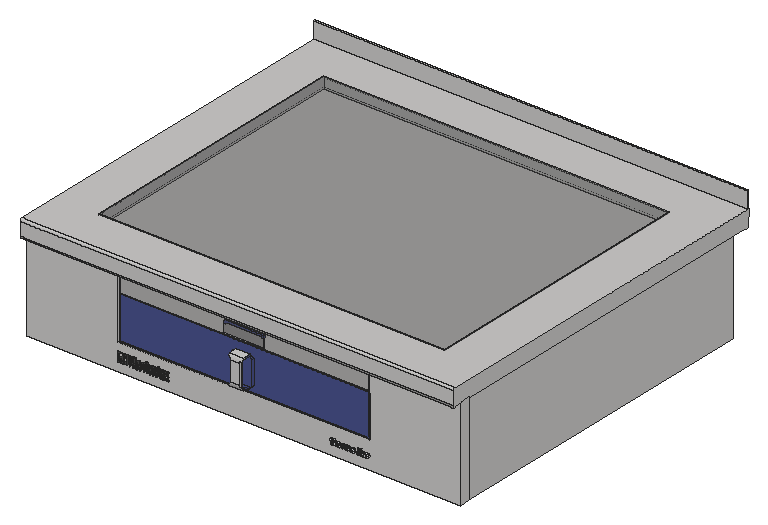
Revit family "QF_ELECTROLUXPROFESSIONAL_588557_MBRBBBJOBO", category Attrezzature speciali, Revit 2020
Family settings
  Quota connettore circolare = Usa diametro
  Tipo di parte = Normale
  Basato su piano di lavoro = No
  Sempre verticale = Sì
  Taglio con vuoti quando caricato = No
  Condiviso = No
  Punto di calcolo locali = No
Parameters (values of type "Standard")
  Weight = 40.00 kg
  Watts = 950 W
  Volts = 230 V
  URL Manufacturer = "https://www.electroluxprofessional.com/"
  URL = "https://www.electroluxprofessional.com/"
  Steam Supply Size = 0"
  Steam Supply Minimum Pressure = 0.00 psi
  Steam Supply Maximum Pressure = 0.00 psi
  Steam Consumption per Hour = 0
  Refrigeration Suction Line Size = 0 mm
  Refrigeration Liquid Line Size = 0 mm
  Refrigerant Compressor Remote = yes
  Prospetto di default = 0 mm
  Phase = 1
  Modello = "MBRBBBJOBO"
  Produttore = "Electrolux Professional"
  Length Actual = 1000 mm  # constant formula
  Item Number = "588557"
  Hot Water Size = 0"
  Height Actual = 250 mm  # constant formula
  HP = "1.3 HP"
  Gas Size = 0"
  Gas KW = 0
  Gas Input Pressure = 0.0 Btu/h
  Direct Waste Size = 0"
  Descrizione = "EL.WARMING PLATE,1S,BS,1000X850X250H"
  Depth Actual = 850 mm  # constant formula
  Cycle = 50 Hz
  Condensate Return Size = 0"
  Compressed Air Volume = 0 GPM
  Compressed Air Size = 0"
  Compressed Air Pressure = 0.00 psi
  Cold Water Size = 0"
  Accessory = yes
Reference planes
  plane 1 "BACK": y = 0
  plane 2: z = 0
  plane 3 "LEFT": x = 0
  plane 4 "RIGHT": x = 1000
  plane 5 "FRONT": y = -850
  plane 6 "TOP": z = 900
  plane 7 "Center (Left/Right)": x = 500
  plane 8: y = -425
  plane 9: y = -150
  plane 10: x = 100
  plane 11: x = 900
  plane 12: y = -100
  plane 13: y = -750
  plane 14 "EIx": x = 955
  plane 15 "EIy": y = -635
  plane 16: z = 938
  plane 17 "BaseTop": z = 650
  plane 18: y = -805
Forms (mm)
  Extrusion 1, solid, material "QF_Finishes_Stainless Steel"
    sketch origin (-178.969, -4572, 100) x (-1, 0, 0) y (0, -1, 0)
      loop
        line (-178.969, -4527) -> (-178.969, -3767) -> (-1178.969, -3767) -> (-1178.969, -4527) -> (-178.969, -4527)
    from 550 to 762.969
  Extrusion 2, solid, material "QF_Finishes_Stainless Steel"
    sketch origin (0, 0, 650) x (-1, 0, 0) y (0, -1, 0)
      loop
        circle (-955, 635) r 6.35
    from 0 to -11.851
  Extrusion 3, solid, material "QF_Finishes_Stainless Steel"
    sketch origin (500, 296.4, 1219.2) x (0, 1, 0) y (0, 0, 1)
      loop
        line (-296.4, -319.2) -> (-1141.4, -319.2)
        arc (-1141.4, -319.2) -> (-1144.935, -320.664) -> (-1146.4, -324.2) r 5
        line (-1146.4, -324.2) -> (-1146.4, -355.2)
        arc (-1146.4, -355.2) -> (-1144.971, -358.264) -> (-1141.705, -359.139) r 4
        line (-1141.705, -359.139) -> (-1126.4, -356.231) -> (-316.4, -356.231) -> (-301.094, -359.139)
        arc (-301.094, -359.139) -> (-297.829, -358.264) -> (-296.4, -355.2) r 4
        line (-296.4, -355.2) -> (-296.4, -319.2)
    from -500 to 500
  Extrusion 4, solid, material "QF_Finishes_Electrolux_Black Smoke Iluminated"
    sketch origin (0, 0, 900) x (-1, 0, 0) y (0, -1, 0)
      loop
        line (-100, 100) -> (-100, 750) -> (-900, 750) -> (-900, 100) -> (-100, 100)
    from 1 to -20
  Extrusion 5, void
    sketch origin (0, 0, 900) x (-1, 0, 0) y (0, -1, 0)
      loop
        line (-100, 750) -> (-900, 750) -> (-900, 100) -> (-100, 100) -> (-100, 750)
    from 0 to -25
  Extrusion 6, solid, material "QF_Finishes_Stainless Steel"
    sketch origin (500, 296.4, 1219.2) x (0, 1, 0) y (0, 0, 1)
      loop
        line (-296.4, -319.2) -> (-296.4, -281.2) -> (-298.4, -281.2) -> (-298.4, -319.2) -> (-296.4, -319.2)
    from 500 to -500
Cuts and joins
  Extrusion 5 cuts Extrusion 3
Lines and regions (mm)
  symbolic lines
    curve 1: line (0, 0, 100) -> (1000, 0, 100)
    curve 2: line (0, -850, 100) -> (0, 0, 100)
    curve 3: line (1000, -850, 100) -> (0, -850, 100)
    curve 4: line (1000, 0, 100) -> (1000, -850, 100)
    curve 5: line (100, -750, 0) -> (900, -750, 0)
    curve 6: line (900, -750, 0) -> (900, -100, 0)
    curve 7: line (900, -100, 0) -> (100, -100, 0)
    curve 8: line (100, -100, 0) -> (100, -750, 0)
    curve 9: line (0, -2, 0) -> (1000, -2, 0)
Dimensions and locks
  plane 3 "LEFT" to plane 4 "RIGHT" = 1000 mm
  locked: plane 5 "FRONT" to plane 1 "BACK" at 850
  equal spacing: plane 3 "LEFT", plane 7 "Center (Left/Right)", plane 4 "RIGHT"
  equal spacing: plane 5 "FRONT", plane 8, plane 1 "BACK"
  plane 6 "TOP" to level = 900 mm  (x2)
  plane 1 "BACK" to plane 9 = 150 mm
  plane 1 "BACK" to Extrusion 2 = 635 mm
  locked: plane 14 "EIx" to plane 4 "RIGHT" at 45
  locked: plane 15 "EIy" to plane 1 "BACK" at 635
  plane 16 to plane 6 "TOP" = 38 mm
  locked: plane 12 to plane 1 "BACK" at 100
  locked: plane 5 "FRONT" to plane 13 at 100
  plane 3 "LEFT" to plane 10 = 100 mm
  plane 11 to plane 4 "RIGHT" = 100 mm
  locked: plane 6 "TOP" to plane 17 "BaseTop" at 250
  locked: plane 18 to plane 5 "FRONT" at 45
  aligned and locked: level to plane 2
  aligned and locked: cut or joined group of Extrusion 3, Extrusion 5 to plane 3 "LEFT"
  aligned and locked: cut or joined group of Extrusion 3, Extrusion 5 to plane 4 "RIGHT"
  aligned and locked: Extrusion 5 sketch curve to plane 10
  aligned and locked: plane 12 to Extrusion 5 sketch curve
  aligned and locked: plane 11 to Extrusion 5 sketch curve
  aligned and locked: Extrusion 5 sketch curve to plane 13
  aligned and locked: plane 12 to Extrusion 4 sketch curve
  aligned and locked: Extrusion 4 sketch curve to plane 10
  aligned and locked: Extrusion 4 sketch curve to plane 13
  aligned and locked: plane 11 to Extrusion 4 sketch curve
  aligned and locked: nested 1 to plane 18
  aligned and locked: Extrusion 1 to plane 18
  aligned and locked: Extrusion 6 to plane 3 "LEFT"
  aligned and locked: Extrusion 6 to plane 4 "RIGHT"
Automatic sketch dimensions
  Extrusion 3 sketch curve to plane 5 "FRONT" = 0 mm
  Extrusion 3 sketch curve to plane 6 "TOP" = 0 mm
  Extrusion 3 sketch curve to plane 1 "BACK" = 0 mm
  Extrusion 3 sketch curve to plane 5 "FRONT" = 4 mm
  Extrusion 3 sketch curve to Extrusion 3 sketch curve = 0.695 mm
  Extrusion 3 sketch curve to plane 5 "FRONT" = 5 mm
  Extrusion 3 sketch curve to Extrusion 3 sketch curve = 15.305 mm
  plane 1 "BACK" to Extrusion 3 sketch curve = 20 mm
  plane 1 "BACK" to Extrusion 3 sketch curve = 4.695 mm
  Extrusion 3 sketch curve to Extrusion 3 sketch curve = 4 mm
  Extrusion 3 sketch curve to Extrusion 3 sketch curve = 31 mm
  Extrusion 3 sketch curve to plane 6 "TOP" = 36 mm
  Extrusion 3 sketch curve to Extrusion 3 sketch curve = 2.909 mm
  Extrusion 1 sketch curve to plane 4 "RIGHT" = 0 mm
  Extrusion 1 sketch curve to plane 3 "LEFT" = 0 mm
  plane 1 "BACK" to Extrusion 1 sketch curve = 45 mm
  plane 1 "BACK" to curve 1 = 0 mm
  curve 1 to plane 4 "RIGHT" = 0 mm
  curve 2 to plane 3 "LEFT" = 0 mm
  plane 5 "FRONT" to curve 3 = 0 mm
  curve 5 to plane 10 = 0 mm
  curve 5 to plane 11 = 0 mm
  plane 13 to curve 6 = 0 mm
  plane 12 to curve 6 = 0 mm
  Extrusion 2 sketch curve to plane 14 "EIx" = 0 mm
  Extrusion 2 sketch curve to plane 15 "EIy" = 0 mm
  Extrusion 1 sketch curve to plane 5 "FRONT" = 45 mm
  Extrusion 6 sketch curve to plane 6 "TOP" = 0 mm
  Extrusion 6 sketch curve to plane 16 = 0 mm
  Extrusion 6 sketch curve to plane 1 "BACK" = 0 mm
  Extrusion 6 sketch curve to Extrusion 6 sketch curve = 2 mm
  radius of Extrusion 2 sketch curve = 6.35 mm
Nested families
  nested 1: "Front_Panel_W1000_1 Knob" at (302.376, -805, 0), type "Front_Panel_W1000_1 Knob"
Connectors
  electrical at (955, -635, 638.149)
    settings: on Extrusion 2, index 1, voltage 400 V, apparent load 33000 VA, apparent load phase1 0 VA, apparent load phase2 0 VA, apparent load phase3 0 VA, power factor 1, load classification "Other", number of poles 1, system type 30, power factor state 1, is connector primary yes, connector utility no, sub classification motor no, connector description "ELECTRICAL CONNECTION"
Definition of nested family "Front_Panel_W1000_1 Knob"
  Parameters
    Width = 1000 mm
    Default Elevation = 0 mm
  Reference planes
    plane 1 "Center (Front/Back)": y = 0
    plane 2: z = 0
    plane 3 "Center (Left/Right)": x = 197.624
    plane 4 "Left": x = -302.376
    plane 5 "Right": x = 697.624
    plane 6: y = -45
    plane 7: y = -25
    plane 8: x = 487.624
    plane 9: x = -92.376
  Forms (mm)
    Extrusion 1, solid
      sketch origin (833.217, 829.203, -1.25) x (0, 1, 0) y (0, 0, 1)
        loop
          line (-854.203, 651.25) -> (-829.203, 651.25) -> (-829.203, 864.25) -> (-854.203, 864.25) -> (-854.203, 651.25)
      from -1135.593 to -135.593
    Extrusion 2, void
      sketch origin (0, 0, 0) x (1, 0, 0) y (0, 0, 1)
        loop
          line (-92.376, 853.866) -> (-92.376, 711.866) -> (487.624, 711.866) -> (487.624, 853.866) -> (-92.376, 853.866)
      from 19.387 to 33.951
  Cuts and joins
    Extrusion 2 cuts Extrusion 1
  Dimensions and locks
    equal spacing: plane 5 "Right", plane 3 "Center (Left/Right)", plane 4 "Left"
    "Width": plane 5 "Right" to plane 4 "Left"
    aligned and locked: cut or joined group of Extrusion 1, Extrusion 2 to plane 4 "Left"
    aligned and locked: plane 5 "Right" to cut or joined group of Extrusion 1, Extrusion 2
    aligned and locked: plane 3 "Center (Left/Right)" to nested 1
    aligned and locked: cut or joined group of Extrusion 1, Extrusion 2 to nested 1
    aligned and locked: plane 9 to Extrusion 2 sketch curve
    aligned and locked: Extrusion 2 sketch curve to plane 8
    aligned and locked: plane 9 to cut or joined group of Extrusion 1, Extrusion 2
    aligned and locked: plane 8 to cut or joined group of Extrusion 1, Extrusion 2
    aligned and locked: nested 4 to plane 9
  Automatic sketch dimensions
    Extrusion 1 sketch curve to plane 1 "Center (Front/Back)" = 0 mm
    level to Extrusion 1 sketch curve = 650 mm
    level to Extrusion 2 sketch curve = 711.866 mm
    Extrusion 2 sketch curve to Extrusion 2 sketch curve = 142 mm
    Extrusion 1 sketch curve to plane 6 = 20 mm
    Extrusion 1 sketch curve to Extrusion 1 sketch curve = 213 mm
  Nested families
    nested 1: "Front glass control panel W580_1 Knob" at (197.624, 280.644, 2.752), type "Front glass control panel W580_1 Knob"
    nested 2: "Range Control Handle" at (197.624, -28.137, -209.113) x (-1, 0, 0) z (0, 0, 1), type "Range Control Handle"
    nested 3: "ELX_ThermaLine_Small" at (439.031, -25, 679.426) x (1, 0, 0) z (0, -1, 0), type "ELX_ThermaLine_Small"
      with Show Logo yes, Material_Logo none
    nested 4: "ELX_Professional_Logo_Small" at (-32.89, -25, 681.659) x (1, 0, 0) z (0, -1, 0), type "ELX_Professional_Logo_Small"
      with Show Logo yes, Material_Logo none
  Definition of nested family "Front glass control panel W580_1 Knob"
    Parameters
      Default Elevation = 0 mm
    Reference planes
      plane 1 "Center (Front/Back)": y = 0
      plane 2: z = 0
      plane 3 "Center (Left/Right)": x = 0
    Forms (mm)
      Extrusion 1, solid
        sketch origin (378.286, 0, 0.617) x (1, 0, 0) y (0, 0, 1)
          loop
            line (-668.286, 806.791) -> (-668.286, 708.497) -> (-88.286, 708.497) -> (-88.286, 806.791) -> (-668.286, 806.791)
        from 300.031 to 304.8
      Extrusion 2, solid
        sketch origin (378.286, 0, 0.617) x (1, 0, 0) y (0, 0, 1)
          loop
            line (-668.286, 850.497) -> (-668.286, 806.791) -> (-88.286, 806.791) -> (-88.286, 850.497) -> (-668.286, 850.497)
        from 300.031 to 304.8
      Extrusion 3, void
        sketch origin (378.286, 0, 0.617) x (1, 0, 0) y (0, 0, 1)
          loop
            line (-665.628, 847.565) -> (-665.628, 710.699) -> (-91.196, 710.699) -> (-91.196, 847.565) -> (-665.628, 847.565)
        from 303.697 to 304.8
      Extrusion 4, solid
        sketch origin (308.309, 1.101, -0.633) x (1, 0, 0) y (0, 0, 1)
          loop
            line (-261.431, 812.62) -> (-261.431, 834.177) -> (-266.24, 834.177) -> (-268.039, 835.977) -> (-348.469, 835.977) -> (-350.269, 834.177) -> (-355.186, 834.177) -> (-355.186, 812.62) -> (-261.431, 812.62)
        from 304.798 to 306.745
      Extrusion 5, solid
        sketch origin (308.309, 1.101, -0.633) x (1, 0, 0) y (0, 0, 1)
          loop
            line (-350.269, 834.177) -> (-348.469, 835.977) -> (-268.039, 835.977) -> (-266.24, 834.177) -> (-261.529, 834.177)
            arc (-261.529, 834.177) -> (-262.706, 838.752) -> (-266.98, 840.763) r 5.549
            line (-266.98, 840.763) -> (-349.686, 840.763)
            arc (-349.686, 840.763) -> (-353.942, 838.747) -> (-355.078, 834.177) r 5.5
            line (-355.078, 834.177) -> (-350.269, 834.177)
        from 304.798 to 306.745
    Cuts and joins
      Extrusion 3 cuts Extrusion 1
      Extrusion 3 cuts Extrusion 2
    Dimensions and locks
      equal spacing: cut or joined group of Extrusion 2, Extrusion 3, plane 3 "Center (Left/Right)", cut or joined group of Extrusion 2, Extrusion 3
      cut or joined group of Extrusion 2, Extrusion 3 to cut or joined group of Extrusion 2, Extrusion 3 = 580 mm
      aligned and locked: Extrusion 1 to Extrusion 2
      aligned and locked: Extrusion 5 sketch curve to Extrusion 4  (x4)
      aligned and locked: Extrusion 4 to Extrusion 5 sketch curve
      aligned and locked: Extrusion 5 to Extrusion 4
    Automatic sketch dimensions
      Extrusion 1 sketch curve to plane 3 "Center (Left/Right)" = 290 mm
      plane 3 "Center (Left/Right)" to Extrusion 1 sketch curve = 290 mm
      level to Extrusion 1 sketch curve = 709.114 mm
      Extrusion 1 sketch curve to Extrusion 1 sketch curve = 98.294 mm
      Extrusion 2 sketch curve to plane 3 "Center (Left/Right)" = 290 mm
      plane 3 "Center (Left/Right)" to Extrusion 2 sketch curve = 290 mm
      level to Extrusion 2 sketch curve = 807.408 mm
      Extrusion 2 sketch curve to Extrusion 2 sketch curve = 43.706 mm
      Extrusion 3 sketch curve to plane 3 "Center (Left/Right)" = 287.342 mm
      plane 3 "Center (Left/Right)" to Extrusion 3 sketch curve = 287.091 mm
      level to Extrusion 3 sketch curve = 711.316 mm
      Extrusion 3 sketch curve to Extrusion 3 sketch curve = 136.866 mm
      Extrusion 4 sketch curve to plane 3 "Center (Left/Right)" = 46.877 mm
      Extrusion 4 sketch curve to Extrusion 4 sketch curve = 4.917 mm
      Extrusion 4 sketch curve to Extrusion 4 sketch curve = 1.8 mm  (x3)
      plane 3 "Center (Left/Right)" to Extrusion 4 sketch curve = 40.269 mm
      Extrusion 4 sketch curve to Extrusion 4 sketch curve = 4.809 mm
      level to Extrusion 4 sketch curve = 811.987 mm
      Extrusion 4 sketch curve to Extrusion 4 sketch curve = 21.557 mm  (x2)
      Extrusion 5 sketch curve to Extrusion 5 sketch curve = 4.809 mm
      Extrusion 5 sketch curve to Extrusion 5 sketch curve = 0.583 mm
      plane 3 "Center (Left/Right)" to Extrusion 5 sketch curve = 40.269 mm
      Extrusion 5 sketch curve to Extrusion 5 sketch curve = 1.059 mm
      Extrusion 5 sketch curve to Extrusion 5 sketch curve = 0.741 mm
      Extrusion 5 sketch curve to Extrusion 5 sketch curve = 4.711 mm
      Extrusion 5 sketch curve to Extrusion 5 sketch curve = 1.037 mm
  Definition of nested family "Range Control Handle"
    Parameters
      Default Elevation = 0 mm
    Reference planes
      plane 1 "Center (Front/Back)": y = 0
      plane 2: z = 0
      plane 3 "Center (Left/Right)": x = 0
      plane 4: z = 971.092
      plane 5: y = -16.9
    Forms (mm)
      Extrusion 1, solid
        sketch origin (-746.28, 380.497, 208.931) x (-1, 0, 0) y (0, 0, 1)
          loop
            line (-770.101, 786.798) -> (-770.101, 731.649)
            arc (-770.101, 731.649) -> (-769.759, 730.563) -> (-768.855, 729.87) r 1.893
            line (-768.855, 729.87) -> (-763.474, 727.911) -> (-729.81, 727.911) -> (-724.428, 729.87)
            arc (-724.428, 729.87) -> (-723.525, 730.563) -> (-723.183, 731.649) r 1.893
            line (-723.183, 731.649) -> (-723.183, 786.798)
            arc (-723.183, 786.798) -> (-723.529, 787.894) -> (-724.44, 788.593) r 1.91
            line (-724.44, 788.593) -> (-729.683, 790.819) -> (-763.601, 790.819) -> (-768.844, 788.593)
            arc (-768.844, 788.593) -> (-769.755, 787.894) -> (-770.101, 786.798) r 1.91
        from -382.35 to -378.852
      Sweep 2, solid
        path origin (-746.788, 380.496, 208.091) x (0, -1, 0) y (0, 0, 1)
          loop
            line (379.775, 793.281) -> (395.661, 791.048)
            arc (395.661, 791.048) -> (397.781, 787.377) -> (398.517, 783.202) r 12.207
            line (398.517, 783.202) -> (398.517, 737.368)
            arc (398.517, 737.368) -> (397.781, 733.193) -> (395.661, 729.522) r 12.207
            line (395.661, 729.522) -> (379.775, 727.289)
        profile origin (-746.788, -7.222, 1000.256) x (0, -0.139173, 0.990268) y (-1, 0, 0)
          loop
            line (0.782, -763.123) -> (0.782, -730.907) -> (-1.322, -730.907) -> (-1.322, -763.123) -> (0.782, -763.123)
      Sweep 3, solid
        path origin (-746.788, 380.715, 207.832) x (0, -1, 0) y (0, 0, 1)
          loop
            line (380.478, 795.442) -> (397.218, 793.09)
            arc (397.218, 793.09) -> (399.929, 788.473) -> (400.871, 783.202) r 15.207
            line (400.871, 783.202) -> (400.871, 737.584)
            arc (400.871, 737.584) -> (399.914, 732.274) -> (397.164, 727.633) r 15.207
            line (397.164, 727.633) -> (380.601, 725.305)
        profile origin (-746.788, -8.132, 1002.099) x (0, -0.139173, 0.990268) y (-1, 0, 0)
          loop
            line (0.782, -763.123) -> (0.782, -730.907) -> (-1.322, -730.907) -> (-1.322, -763.123) -> (0.782, -763.123)
      Extrusion 4, void
        sketch origin (889.253, 220.666, 207.993) x (1, 0, 0) y (0, 0, 1)
          loop
            line (-943.038, 816.854) -> (-943.038, 703.686) -> (-899.466, 734.196) -> (-899.466, 786.344) -> (-943.038, 816.854)
        from 230.636 to 242.25
      Extrusion 5, void
        sketch origin (-888.8, 220.666, 207.993) x (-1, 0, 0) y (0, 0, -1)
          loop
            line (-943.038, -816.854) -> (-899.466, -786.344) -> (-899.466, -734.196) -> (-943.038, -703.686) -> (-943.038, -816.854)
        from 230.636 to 242.25
      Extrusion 6, solid
        sketch origin (0, 0, 0) x (1, 0, 0) y (0, 0, 1)
          loop
            circle (0, 971.092) r 7.736
        from -3.137 to -1.645
    Cuts and joins
      Extrusion 4, Extrusion 5 cuts Sweep 3
      Extrusion 4, Extrusion 5 cuts Sweep 2
      joined: Extrusion 1, Extrusion 6
    Lines and regions (mm)
      symbolic lines
        curve 1: line (16.334, -16.9, 0) -> (16.334, -19.227, 0)
        curve 2: spline (16.334, -19.227, 0) -> (15.87, -19.385, 0) -> (15.404, -19.536, 0) -> (14.936, -19.678, 0) -> (14.466, -19.813, 0) -> (13.995, -19.94, 0) -> (13.523, -20.059, 0) -> (13.049, -20.171, 0) -> (12.575, -20.274, 0) -> (12.099, -20.37, 0) -> (11.622, -20.458, 0) -> (11.144, -20.537, 0) -> (10.666, -20.609, 0)
        curve 3: line (10.666, -16.9, 0) -> (10.666, -20.938, 0)
        curve 4: line (-10.213, -20.938, 0) -> (10.666, -20.938, 0)
        curve 5: line (-10.213, -20.938, 0) -> (-10.213, -16.9, 0)
        curve 6: spline (-10.213, -20.609, 0) -> (-10.691, -20.537, 0) -> (-11.169, -20.458, 0) -> (-11.646, -20.37, 0) -> (-12.122, -20.274, 0) -> (-12.597, -20.171, 0) -> (-13.07, -20.059, 0) -> (-13.542, -19.94, 0) -> (-14.013, -19.813, 0) -> (-14.483, -19.678, 0) -> (-14.951, -19.536, 0) -> (-15.417, -19.385, 0) -> (-15.881, -19.227, 0)
        curve 7: line (-15.881, -19.227, 0) -> (-15.881, -16.9, 0)
  Definition of nested family "ELX_ThermaLine_Small"
    Parameters
      Show Logo [instance] = yes
      Material_Logo [instance] = none
      Default Elevation = 0 mm
    Reference planes
      plane 1 "Centro (Fronte/Retro)": y = 0
      plane 2: z = 0
      plane 3 "Centro (Sinistra/Destra)": x = 0
    Forms (mm)
      Extrusion 1, solid
        sketch origin (0, 0, 0) x (1, 0, 0) y (0, 1, 0)
          loop
            line (-1219.2, 1219.2) -> (-1219.2, -1219.2) -> (1219.2, -1219.2) -> (1219.2, 1219.2) -> (-1219.2, 1219.2)
        from 0 to -304.8
      Extrusion 2, solid
        sketch origin (0, 0, 0) x (1, 0, 0) y (0, 1, 0)
          loop
            line (-37.494, 1.229) -> (-35.908, 1.229) -> (-35.908, 3.066) -> (-37.494, 3.066) -> (-37.494, 6.221) -> (-39.867, 4.881) -> (-39.867, 3.066) -> (-40.969, 3.066) -> (-40.969, 1.229) -> (-39.867, 1.229) -> (-39.867, -3.407)
            arc (-39.867, -3.407) -> (-38.982, -5.513) -> (-36.751, -6.001) r 2.478
            line (-36.751, -6.001) -> (-35.638, -5.7) -> (-35.9, -3.835) -> (-36.661, -4.039)
            arc (-36.661, -4.039) -> (-37.236, -3.924) -> (-37.494, -3.399) r 0.662
            line (-37.494, -3.399) -> (-37.494, 1.229)
          loop
            line (-34.242, 6.539) -> (-34.242, -5.848) -> (-31.854, -5.848) -> (-31.854, -0.078)
            arc (-31.854, -0.078) -> (-30.939, 1.249) -> (-29.33, 1.367) r 1.866
            arc (-29.33, 1.367) -> (-28.695, 0.768) -> (-28.461, -0.073) r 1.627
            line (-28.461, -0.073) -> (-28.461, -5.848) -> (-26.086, -5.848) -> (-26.064, -0.46)
            arc (-26.064, -0.46) -> (-26.261, 0.932) -> (-26.786, 2.237) r 5.825
            arc (-26.786, 2.237) -> (-29.381, 3.264) -> (-31.854, 1.971) r 3.353
            line (-31.854, 1.971) -> (-31.854, 6.539) -> (-34.242, 6.539)
          loop
            arc (-18.398, -0.598) -> (-18.893, 0.879) -> (-20.326, 1.487) r 1.897
            arc (-20.326, 1.487) -> (-21.461, 0.708) -> (-21.897, -0.598) r 2.164
            line (-21.897, -0.598) -> (-18.398, -0.598)
          loop
            arc (-16.021, -2.044) -> (-16.754, 1.227) -> (-19.444, 3.226) r 4.814
            arc (-19.444, 3.226) -> (-22.137, 2.788) -> (-23.943, 0.743) r 4.054
            arc (-23.943, 0.743) -> (-24.382, -1.249) -> (-24.162, -3.276) r 6.289
            arc (-24.162, -3.276) -> (-23.302, -4.71) -> (-21.958, -5.705) r 4.28
            arc (-21.958, -5.705) -> (-18.558, -5.814) -> (-16.152, -3.409) r 4.28
            line (-16.152, -3.409) -> (-18.5, -2.995)
            arc (-18.5, -2.995) -> (-19.273, -3.994) -> (-20.533, -4.076) r 1.536
            arc (-20.533, -4.076) -> (-21.56, -3.281) -> (-21.958, -2.044) r 2.197
            line (-21.958, -2.044) -> (-16.021, -2.044)
          loop
            line (-14.165, -5.848) -> (-11.819, -5.848) -> (-11.819, -2.138)
            arc (-11.819, -2.138) -> (-11.787, -1.156) -> (-11.637, -0.185) r 8.18
            arc (-11.637, -0.185) -> (-10.644, 0.972) -> (-9.132, 0.776) r 1.603
            line (-9.132, 0.776) -> (-8.419, 2.846)
            arc (-8.419, 2.846) -> (-10.432, 3.118) -> (-11.994, 1.821) r 2.527
            line (-11.994, 1.821) -> (-11.994, 3.094) -> (-14.165, 3.094) -> (-14.165, -5.848)
          loop
            line (-7.579, 3.094) -> (-7.579, -5.848) -> (-5.178, -5.848) -> (-5.178, -0.756)
            arc (-5.178, -0.756) -> (-4.727, 0.679) -> (-3.417, 1.419) r 2.05
            arc (-3.417, 1.419) -> (-2.499, 0.908) -> (-2.155, -0.085) r 1.471
            line (-2.155, -0.085) -> (-2.155, -5.848) -> (0.23, -5.848) -> (0.23, -1.001)
            arc (0.23, -1.001) -> (0.47, 0.127) -> (1.148, 1.061) r 2.775
            arc (1.148, 1.061) -> (2.225, 1.329) -> (3.05, 0.587) r 1.182
            arc (3.05, 0.587) -> (3.199, -0.019) -> (3.214, -0.642) r 2.894
            line (3.214, -0.642) -> (3.214, -5.848) -> (5.601, -5.848) -> (5.601, 0.261)
            arc (5.601, 0.261) -> (4.87, 2.263) -> (2.976, 3.241) r 2.932
            arc (2.976, 3.241) -> (1.284, 2.973) -> (-0.047, 1.896) r 3.309
            arc (-0.047, 1.896) -> (-1.116, 2.865) -> (-2.506, 3.258) r 3.16
            arc (-2.506, 3.258) -> (-4.105, 2.942) -> (-5.376, 1.92) r 3.419
            line (-5.376, 1.92) -> (-5.376, 3.094) -> (-7.579, 3.094)
          loop
            line (7.583, 0.738) -> (9.702, 0.364)
            arc (9.702, 0.364) -> (11.441, 1.492) -> (12.855, -0.023) r 1.613
            line (12.855, -0.023) -> (9.782, -0.789)
            arc (9.782, -0.789) -> (8.559, -1.346) -> (7.617, -2.305) r 3.687
            arc (7.617, -2.305) -> (7.499, -3.681) -> (7.901, -5.003) r 3.651
            arc (7.901, -5.003) -> (9.107, -5.766) -> (10.515, -6.006) r 3.635
            arc (10.515, -6.006) -> (11.898, -5.697) -> (13.067, -4.895) r 3.734
            line (13.067, -4.895) -> (13.376, -5.848) -> (15.75, -5.848) -> (15.212, -4.193) -> (15.212, 0.38)
            arc (15.212, 0.38) -> (14.897, 1.849) -> (13.818, 2.895) r 2.585
            arc (13.818, 2.895) -> (11.792, 3.442) -> (9.719, 3.11) r 5.005
            arc (9.719, 3.11) -> (8.369, 2.178) -> (7.583, 0.738) r 3.54
          loop
            line (19.723, -5.848) -> (22.233, -5.848) -> (24.854, 6.484) -> (22.345, 6.484) -> (19.723, -5.848)
          loop
            line (24.583, -5.848) -> (26.953, -5.848) -> (28.848, 3.066) -> (26.478, 3.066) -> (24.583, -5.848)
          loop
            line (27.204, 6.484) -> (26.741, 4.305) -> (29.111, 4.305) -> (29.575, 6.484) -> (27.204, 6.484)
          loop
            line (29.355, -5.848) -> (31.849, -5.848) -> (33.098, 0.028)
            arc (33.098, 0.028) -> (34.169, 1.306) -> (35.832, 1.422) r 2.132
            arc (35.832, 1.422) -> (36.324, 0.752) -> (36.383, -0.078) r 1.5
            line (36.383, -0.078) -> (35.157, -5.848) -> (37.536, -5.848) -> (38.936, 0.738)
            arc (38.936, 0.738) -> (38.775, 2.091) -> (37.825, 3.066) r 2.118
            arc (37.825, 3.066) -> (35.392, 3.175) -> (33.295, 1.937) r 4.271
            line (33.295, 1.937) -> (33.535, 3.066) -> (31.25, 3.066) -> (29.355, -5.848)
          loop
            line (42.792, -0.64) -> (46.589, -0.64)
            arc (46.589, -0.64) -> (46.639, 0.124) -> (46.327, 0.823) r 1.589
            arc (46.327, 0.823) -> (45.117, 1.521) -> (43.762, 1.183) r 1.865
            arc (43.762, 1.183) -> (43.141, 0.344) -> (42.792, -0.64) r 3.538
          loop
            line (42.565, -2.138) -> (48.593, -2.138)
            arc (48.593, -2.138) -> (48.58, 0.597) -> (46.983, 2.818) r 4.494
            arc (46.983, 2.818) -> (44.191, 3.28) -> (41.725, 1.891) r 4.26
            arc (41.725, 1.891) -> (40.503, -0.3) -> (40.284, -2.799) r 6.003
            arc (40.284, -2.799) -> (40.959, -4.468) -> (42.377, -5.576) r 3.482
            arc (42.377, -5.576) -> (44.265, -5.961) -> (46.152, -5.576) r 4.823
            arc (46.152, -5.576) -> (47.432, -4.731) -> (48.328, -3.485) r 4.245
            line (48.328, -3.485) -> (46.168, -3.105)
            arc (46.168, -3.105) -> (45.214, -4.072) -> (43.859, -4.181) r 1.953
            arc (43.859, -4.181) -> (42.821, -3.408) -> (42.565, -2.138) r 1.81
          loop
            line (12.868, -1.553) -> (10.216, -2.214)
            arc (10.216, -2.214) -> (9.747, -3.136) -> (10.216, -4.058) r 1.14
            arc (10.216, -4.058) -> (11.537, -4.249) -> (12.614, -3.46) r 1.763
            arc (12.614, -3.46) -> (12.858, -2.522) -> (12.868, -1.553) r 3.97
        from 0 to 1.6
    Dimensions and locks
      aligned and locked: plane 2 to Extrusion 1
      aligned and locked: level to Extrusion 1
  Definition of nested family "ELX_Professional_Logo_Small"
    Parameters
      Show Logo [instance] = yes
      Material_Logo [instance] = none
      Default Elevation = 0 mm
    Reference planes
      plane 1 "Centro (Fronte/Retro)": y = 0
      plane 2: z = 0
      plane 3 "Centro (Sinistra/Destra)": x = 0
    Forms (mm)
      Extrusion 1, solid
        sketch origin (0, 0, 0) x (1, 0, 0) y (0, 1, 0)
          loop
            line (-1219.2, 1219.2) -> (-1219.2, -1219.2) -> (1219.2, -1219.2) -> (1219.2, 1219.2) -> (-1219.2, 1219.2)
        from 0 to -304.8
      Extrusion 2, solid, material <- "Material_Logo"
        sketch origin (15.5, 0, 0) x (1, 0, 0) y (0, 1, 0)
          loop
            spline (-42.99, -1.24) -> (-43.195, -1.231) -> (-43.415, -1.203) -> (-43.642, -1.152) -> (-43.87, -1.074) -> (-44.095, -0.966) -> (-44.309, -0.825) -> (-44.506, -0.647) -> (-44.681, -0.429) -> (-44.828, -0.167) -> (-44.94, 0.142) -> (-45.011, 0.501) -> (-45.037, 0.915)
            line (-45.037, 0.915) -> (-45.037, 2.748) -> (-38.984, 2.748) -> (-38.984, 5.086) -> (-45.038, 5.086) -> (-45.038, 8.489) -> (-38.599, 8.489) -> (-38.599, 10.82) -> (-47.515, 10.82) -> (-47.515, 1.021)
            spline (-47.515, 1.021) -> (-47.493, 0.418) -> (-47.425, -0.15) -> (-47.311, -0.682) -> (-47.15, -1.175) -> (-46.939, -1.628) -> (-46.678, -2.038) -> (-46.365, -2.404) -> (-46, -2.723) -> (-45.58, -2.995) -> (-45.105, -3.216) -> (-44.573, -3.385) -> (-43.983, -3.499)
            line (-43.983, -3.499) -> (-43.01, -3.569) -> (-38.426, -3.569) -> (-38.426, -1.24) -> (-42.99, -1.24)
          loop
            line (-36.666, 4.021) -> (-36.666, -3.573) -> (-34.188, -3.573) -> (-34.188, 10.824) -> (-36.666, 10.824) -> (-36.666, 4.021)
          loop
            spline (-21.915, 1.897) -> (-21.957, 2.615) -> (-22.082, 3.303) -> (-22.285, 3.955) -> (-22.563, 4.564) -> (-22.913, 5.124) -> (-23.331, 5.629) -> (-23.814, 6.074) -> (-24.359, 6.451) -> (-24.961, 6.755) -> (-25.618, 6.98) -> (-26.326, 7.119) -> (-27.081, 7.167)
            spline (-27.081, 7.167) -> (-27.853, 7.122) -> (-28.586, 6.99) -> (-29.275, 6.774) -> (-29.915, 6.478) -> (-30.5, 6.104) -> (-31.024, 5.657) -> (-31.483, 5.138) -> (-31.871, 4.553) -> (-32.182, 3.904) -> (-32.411, 3.194) -> (-32.552, 2.427) -> (-32.6, 1.606)
            spline (-32.6, 1.606) -> (-32.553, 0.805) -> (-32.416, 0.057) -> (-32.193, -0.637) -> (-31.887, -1.271) -> (-31.504, -1.843) -> (-31.048, -2.35) -> (-30.523, -2.788) -> (-29.934, -3.154) -> (-29.284, -3.444) -> (-28.579, -3.656) -> (-27.822, -3.785) -> (-27.019, -3.829)
            spline (-27.019, -3.829) -> (-26.627, -3.82) -> (-26.239, -3.79) -> (-25.856, -3.739) -> (-25.477, -3.663) -> (-25.103, -3.562) -> (-24.734, -3.432) -> (-24.369, -3.273) -> (-24.01, -3.082) -> (-23.655, -2.858) -> (-23.305, -2.597) -> (-22.96, -2.299) -> (-22.621, -1.962)
            line (-22.621, -1.962) -> (-24.114, -0.509)
            spline (-24.114, -0.509) -> (-24.311, -0.699) -> (-24.509, -0.872) -> (-24.71, -1.03) -> (-24.915, -1.172) -> (-25.126, -1.297) -> (-25.346, -1.407) -> (-25.576, -1.5) -> (-25.817, -1.576) -> (-26.072, -1.636) -> (-26.342, -1.678) -> (-26.629, -1.704) -> (-26.936, -1.713)
            spline (-26.936, -1.713) -> (-27.384, -1.691) -> (-27.805, -1.625) -> (-28.196, -1.518) -> (-28.556, -1.372) -> (-28.882, -1.187) -> (-29.174, -0.966) -> (-29.429, -0.71) -> (-29.645, -0.422) -> (-29.821, -0.102) -> (-29.955, 0.247) -> (-30.045, 0.623) -> (-30.089, 1.026)
            line (-30.089, 1.026) -> (-21.956, 1.026) -> (-21.915, 1.897)
          loop
            spline (-24.446, 2.769) -> (-24.47, 3.075) -> (-24.54, 3.37) -> (-24.654, 3.65) -> (-24.807, 3.913) -> (-24.996, 4.156) -> (-25.219, 4.376) -> (-25.472, 4.57) -> (-25.753, 4.736) -> (-26.057, 4.869) -> (-26.382, 4.968) -> (-26.724, 5.03) -> (-27.081, 5.051)
            spline (-27.081, 5.051) -> (-27.464, 5.03) -> (-27.832, 4.97) -> (-28.183, 4.872) -> (-28.513, 4.74) -> (-28.819, 4.577) -> (-29.099, 4.384) -> (-29.347, 4.165) -> (-29.563, 3.923) -> (-29.742, 3.659) -> (-29.881, 3.377) -> (-29.977, 3.079) -> (-30.027, 2.769)
            line (-30.027, 2.769) -> (-24.446, 2.769)
          loop
            spline (-18.167, 1.669) -> (-18.138, 2.13) -> (-18.055, 2.567) -> (-17.921, 2.978) -> (-17.739, 3.358) -> (-17.512, 3.705) -> (-17.243, 4.016) -> (-16.937, 4.287) -> (-16.596, 4.517) -> (-16.223, 4.7) -> (-15.823, 4.835) -> (-15.398, 4.919) -> (-14.951, 4.947)
            spline (-14.951, 4.947) -> (-14.677, 4.938) -> (-14.414, 4.913) -> (-14.162, 4.871) -> (-13.921, 4.812) -> (-13.69, 4.738) -> (-13.467, 4.649) -> (-13.254, 4.544) -> (-13.048, 4.424) -> (-12.85, 4.291) -> (-12.659, 4.143) -> (-12.474, 3.981) -> (-12.295, 3.806)
            line (-12.295, 3.806) -> (-10.76, 5.403)
            spline (-10.76, 5.403) -> (-11.065, 5.709) -> (-11.38, 5.984) -> (-11.703, 6.228) -> (-12.035, 6.443) -> (-12.375, 6.63) -> (-12.723, 6.788) -> (-13.078, 6.92) -> (-13.44, 7.026) -> (-13.809, 7.107) -> (-14.184, 7.164) -> (-14.564, 7.198) -> (-14.951, 7.209)
            spline (-14.951, 7.209) -> (-15.725, 7.161) -> (-16.467, 7.02) -> (-17.169, 6.792) -> (-17.826, 6.482) -> (-18.43, 6.096) -> (-18.976, 5.637) -> (-19.455, 5.112) -> (-19.862, 4.525) -> (-20.19, 3.882) -> (-20.433, 3.189) -> (-20.584, 2.449) -> (-20.635, 1.669)
            spline (-20.635, 1.669) -> (-20.584, 0.889) -> (-20.433, 0.149) -> (-20.19, -0.545) -> (-19.862, -1.187) -> (-19.455, -1.774) -> (-18.976, -2.299) -> (-18.43, -2.758) -> (-17.826, -3.145) -> (-17.169, -3.454) -> (-16.467, -3.682) -> (-15.725, -3.823) -> (-14.951, -3.871)
            spline (-14.951, -3.871) -> (-14.564, -3.86) -> (-14.184, -3.826) -> (-13.809, -3.77) -> (-13.44, -3.689) -> (-13.078, -3.583) -> (-12.723, -3.451) -> (-12.375, -3.292) -> (-12.035, -3.105) -> (-11.703, -2.89) -> (-11.38, -2.646) -> (-11.065, -2.371) -> (-10.76, -2.066)
            line (-10.76, -2.066) -> (-12.295, -0.468)
            spline (-12.295, -0.468) -> (-12.474, -0.643) -> (-12.659, -0.805) -> (-12.85, -0.953) -> (-13.048, -1.087) -> (-13.254, -1.206) -> (-13.467, -1.311) -> (-13.69, -1.4) -> (-13.921, -1.475) -> (-14.162, -1.533) -> (-14.414, -1.575) -> (-14.677, -1.6) -> (-14.951, -1.609)
            spline (-14.951, -1.609) -> (-15.398, -1.581) -> (-15.823, -1.497) -> (-16.223, -1.362) -> (-16.596, -1.179) -> (-16.937, -0.95) -> (-17.243, -0.678) -> (-17.512, -0.367) -> (-17.739, -0.02) -> (-17.921, 0.36) -> (-18.055, 0.771) -> (-18.138, 1.208) -> (-18.167, 1.669)
          loop
            spline (-4.441, -1.243) -> (-4.659, -1.247) -> (-4.894, -1.23) -> (-5.137, -1.19) -> (-5.384, -1.121) -> (-5.628, -1.021) -> (-5.864, -0.884) -> (-6.084, -0.708) -> (-6.283, -0.488) -> (-6.454, -0.219) -> (-6.592, 0.101) -> (-6.69, 0.478) -> (-6.742, 0.914)
            line (-6.742, 0.914) -> (-6.742, 4.587) -> (-4.487, 4.587) -> (-4.487, 6.838) -> (-6.738, 6.838) -> (-6.738, 10.824) -> (-9.217, 10.824) -> (-9.217, 0.773)
            spline (-9.217, 0.773) -> (-9.164, 0.19) -> (-9.068, -0.358) -> (-8.928, -0.87) -> (-8.742, -1.343) -> (-8.511, -1.777) -> (-8.232, -2.168) -> (-7.904, -2.515) -> (-7.527, -2.816) -> (-7.098, -3.069) -> (-6.618, -3.273) -> (-6.084, -3.426) -> (-5.496, -3.525)
            line (-5.496, -3.525) -> (-4.45, -3.573) -> (-4.441, -1.243)
          loop
            spline (3.898, 6.983) -> (3.469, 7.009) -> (3.056, 7.001) -> (2.661, 6.961) -> (2.283, 6.888) -> (1.925, 6.785) -> (1.588, 6.652) -> (1.272, 6.49) -> (0.979, 6.301) -> (0.71, 6.085) -> (0.465, 5.844) -> (0.247, 5.578) -> (0.056, 5.289)
            line (0.056, 5.289) -> (0.056, 6.838) -> (-2.402, 6.838) -> (-2.402, -3.572) -> (0.056, -3.572) -> (0.056, 1.901)
            spline (0.056, 1.901) -> (0.079, 2.316) -> (0.145, 2.703) -> (0.254, 3.06) -> (0.404, 3.386) -> (0.592, 3.679) -> (0.818, 3.938) -> (1.08, 4.162) -> (1.375, 4.348) -> (1.703, 4.495) -> (2.062, 4.602) -> (2.45, 4.668) -> (2.865, 4.69)
            line (2.865, 4.69) -> (3.898, 4.586) -> (3.898, 6.983)
          loop
            spline (15.638, 1.633) -> (15.586, 2.396) -> (15.435, 3.124) -> (15.192, 3.81) -> (14.863, 4.449) -> (14.455, 5.034) -> (13.975, 5.56) -> (13.43, 6.021) -> (12.826, 6.411) -> (12.17, 6.724) -> (11.469, 6.955) -> (10.729, 7.098) -> (9.958, 7.147)
            spline (9.958, 7.147) -> (9.182, 7.098) -> (8.44, 6.955) -> (7.737, 6.724) -> (7.081, 6.411) -> (6.477, 6.021) -> (5.933, 5.56) -> (5.454, 5.034) -> (5.048, 4.449) -> (4.721, 3.81) -> (4.479, 3.124) -> (4.329, 2.396) -> (4.277, 1.633)
            spline (4.277, 1.633) -> (4.329, 0.869) -> (4.479, 0.141) -> (4.721, -0.544) -> (5.048, -1.183) -> (5.454, -1.768) -> (5.933, -2.294) -> (6.477, -2.755) -> (7.081, -3.145) -> (7.737, -3.459) -> (8.44, -3.69) -> (9.182, -3.833) -> (9.958, -3.882)
            spline (9.958, -3.882) -> (10.729, -3.833) -> (11.469, -3.69) -> (12.17, -3.459) -> (12.826, -3.145) -> (13.43, -2.755) -> (13.975, -2.294) -> (14.455, -1.768) -> (14.863, -1.183) -> (15.192, -0.544) -> (15.435, 0.141) -> (15.586, 0.869) -> (15.638, 1.633)
          loop
            spline (13.18, 1.633) -> (13.151, 2.083) -> (13.067, 2.513) -> (12.932, 2.918) -> (12.748, 3.296) -> (12.52, 3.642) -> (12.251, 3.954) -> (11.943, 4.227) -> (11.601, 4.459) -> (11.228, 4.645) -> (10.828, 4.782) -> (10.403, 4.867) -> (9.958, 4.896)
            spline (9.958, 4.896) -> (9.509, 4.867) -> (9.081, 4.782) -> (8.679, 4.645) -> (8.306, 4.459) -> (7.964, 4.227) -> (7.658, 3.954) -> (7.39, 3.642) -> (7.163, 3.296) -> (6.981, 2.918) -> (6.847, 2.513) -> (6.765, 2.083) -> (6.736, 1.633)
            spline (6.736, 1.633) -> (6.765, 1.182) -> (6.847, 0.753) -> (6.981, 0.347) -> (7.163, -0.031) -> (7.39, -0.377) -> (7.658, -0.689) -> (7.964, -0.962) -> (8.306, -1.193) -> (8.679, -1.38) -> (9.081, -1.517) -> (9.509, -1.602) -> (9.958, -1.631)
            spline (9.958, -1.631) -> (10.403, -1.602) -> (10.828, -1.517) -> (11.228, -1.38) -> (11.601, -1.193) -> (11.943, -0.962) -> (12.251, -0.689) -> (12.52, -0.377) -> (12.748, -0.031) -> (12.932, 0.347) -> (13.067, 0.753) -> (13.151, 1.182) -> (13.18, 1.633)
          loop
            line (17.162, 4.269) -> (17.162, -3.573) -> (19.642, -3.573) -> (19.642, 10.824) -> (17.162, 10.824) -> (17.162, 4.269)
          loop
            line (28.581, 6.838) -> (28.581, 0.786)
            spline (28.581, 0.786) -> (28.561, 0.393) -> (28.503, 0.038) -> (28.409, -0.279) -> (28.281, -0.559) -> (28.122, -0.802) -> (27.933, -1.011) -> (27.717, -1.185) -> (27.476, -1.325) -> (27.213, -1.433) -> (26.929, -1.509) -> (26.626, -1.554) -> (26.308, -1.569)
            spline (26.308, -1.569) -> (25.99, -1.554) -> (25.688, -1.509) -> (25.404, -1.434) -> (25.141, -1.326) -> (24.9, -1.187) -> (24.684, -1.014) -> (24.496, -0.807) -> (24.336, -0.565) -> (24.209, -0.288) -> (24.115, 0.026) -> (24.057, 0.376) -> (24.037, 0.765)
            line (24.037, 0.765) -> (24.037, 6.838) -> (21.537, 6.838) -> (21.537, 0.558)
            spline (21.537, 0.558) -> (21.581, -0.153) -> (21.71, -0.8) -> (21.916, -1.384) -> (22.195, -1.904) -> (22.54, -2.362) -> (22.944, -2.757) -> (23.403, -3.09) -> (23.909, -3.362) -> (24.456, -3.572) -> (25.04, -3.722) -> (25.652, -3.811) -> (26.288, -3.841)
            spline (26.288, -3.841) -> (26.929, -3.811) -> (27.547, -3.72) -> (28.135, -3.568) -> (28.687, -3.355) -> (29.197, -3.079) -> (29.66, -2.741) -> (30.068, -2.341) -> (30.415, -1.877) -> (30.696, -1.349) -> (30.905, -0.757) -> (31.034, -0.101) -> (31.079, 0.621)
            line (31.079, 0.621) -> (31.079, 6.838) -> (28.581, 6.838)
          loop
            line (40.457, -0.243) -> (38.894, 1.942) -> (40.83, 4.579) -> (42.488, 6.837) -> (39.782, 6.837) -> (37.53, 3.719) -> (35.258, 6.837) -> (32.573, 6.837) -> (34.113, 4.731) -> (36.167, 1.922) -> (34.014, -1.076) -> (32.222, -3.573) -> (34.887, -3.573) -> (37.53, 0.104) -> (40.174, -3.573) -> (42.839, -3.573) -> (40.457, -0.243)
          loop
            line (-46.121, -5.837) -> (-48.039, -5.837) -> (-48.039, -10.814) -> (-47.016, -10.814) -> (-47.016, -9.128) -> (-46.121, -9.128)
            arc (-46.121, -9.128) -> (-44.476, -7.482) -> (-46.121, -5.837) r 1.645
          loop
            line (-46.163, -6.778) -> (-47.016, -6.778) -> (-47.016, -8.187) -> (-46.163, -8.187)
            arc (-46.163, -8.187) -> (-45.458, -7.482) -> (-46.163, -6.778) r 0.704
          loop
            line (-38.313, -5.837) -> (-40.265, -5.837) -> (-40.265, -10.814) -> (-39.241, -10.814) -> (-39.241, -9.1) -> (-38.46, -9.182) -> (-37.48, -10.814) -> (-36.318, -10.814) -> (-37.513, -8.848)
            arc (-37.513, -8.848) -> (-36.888, -8.266) -> (-36.671, -7.441) r 1.536
            arc (-36.671, -7.441) -> (-37.165, -6.305) -> (-38.313, -5.837) r 1.643
          loop
            arc (-38.402, -8.166) -> (-37.707, -7.505) -> (-38.334, -6.778) r 0.696
            line (-38.334, -6.778) -> (-39.241, -6.778) -> (-39.241, -8.166) -> (-38.402, -8.166)
          loop
            circle (-29.965, -8.325) r 2.585
          loop
            circle (-29.965, -8.325) r 1.64
          loop
            line (-23.1, -5.837) -> (-23.1, -10.814) -> (-22.076, -10.814) -> (-22.076, -8.768) -> (-20.204, -8.768) -> (-20.204, -7.828) -> (-22.076, -7.828) -> (-22.076, -6.778) -> (-20.024, -6.778) -> (-20.024, -5.837) -> (-23.1, -5.837)
          loop
            line (-15.802, -5.837) -> (-15.802, -9.2)
            arc (-15.802, -9.2) -> (-15.343, -10.34) -> (-14.209, -10.814) r 1.593
            line (-14.209, -10.814) -> (-12.602, -10.814) -> (-12.602, -10.027) -> (-14.004, -10.027)
            arc (-14.004, -10.027) -> (-14.552, -9.8) -> (-14.779, -9.252) r 0.775
            line (-14.779, -9.252) -> (-14.779, -8.424) -> (-12.789, -8.424) -> (-12.789, -7.642) -> (-14.779, -7.642) -> (-14.779, -6.778) -> (-12.651, -6.778) -> (-12.651, -5.837) -> (-15.802, -5.837)
          loop
            line (-5.909, -7.143) -> (-5.173, -6.638)
            arc (-5.173, -6.638) -> (-5.855, -5.974) -> (-6.781, -5.755) r 1.782
            arc (-6.781, -5.755) -> (-7.397, -5.878) -> (-7.944, -6.189) r 1.974
            arc (-7.944, -6.189) -> (-8.202, -6.5) -> (-8.317, -6.888) r 1.013
            arc (-8.317, -6.888) -> (-8.306, -7.341) -> (-8.192, -7.78) r 1.985
            arc (-8.192, -7.78) -> (-7.749, -8.259) -> (-7.171, -8.563) r 1.928
            arc (-7.171, -8.563) -> (-6.637, -8.779) -> (-6.131, -9.056) r 5.041
            arc (-6.131, -9.056) -> (-5.934, -9.387) -> (-6.09, -9.74) r 0.42
            arc (-6.09, -9.74) -> (-6.631, -9.96) -> (-7.204, -9.845) r 1.016
            arc (-7.204, -9.845) -> (-7.625, -9.603) -> (-7.889, -9.196) r 1.033
            line (-7.889, -9.196) -> (-8.67, -9.686)
            arc (-8.67, -9.686) -> (-8.361, -10.198) -> (-7.908, -10.589) r 1.914
            arc (-7.908, -10.589) -> (-7.334, -10.834) -> (-6.714, -10.896) r 2.063
            arc (-6.714, -10.896) -> (-5.947, -10.743) -> (-5.256, -10.376) r 2.696
            arc (-5.256, -10.376) -> (-4.95, -9.565) -> (-5.108, -8.712) r 1.618
            arc (-5.108, -8.712) -> (-5.448, -8.319) -> (-5.884, -8.035) r 1.876
            arc (-5.884, -8.035) -> (-6.434, -7.789) -> (-6.999, -7.577) r 9.883
            arc (-6.999, -7.577) -> (-7.325, -7.07) -> (-6.854, -6.694) r 0.45
            arc (-6.854, -6.694) -> (-6.329, -6.809) -> (-5.909, -7.143) r 1.197
          loop
            line (1.61, -7.143) -> (2.345, -6.638)
            arc (2.345, -6.638) -> (1.663, -5.974) -> (0.737, -5.755) r 1.782
            arc (0.737, -5.755) -> (0.121, -5.878) -> (-0.425, -6.189) r 1.974
            arc (-0.425, -6.189) -> (-0.683, -6.5) -> (-0.799, -6.888) r 1.013
            arc (-0.799, -6.888) -> (-0.788, -7.341) -> (-0.674, -7.78) r 1.985
            arc (-0.674, -7.78) -> (-0.231, -8.259) -> (0.347, -8.563) r 1.928
            arc (0.347, -8.563) -> (0.881, -8.779) -> (1.387, -9.056) r 5.041
            arc (1.387, -9.056) -> (1.584, -9.387) -> (1.428, -9.74) r 0.42
            arc (1.428, -9.74) -> (0.887, -9.96) -> (0.314, -9.845) r 1.016
            arc (0.314, -9.845) -> (-0.107, -9.603) -> (-0.371, -9.196) r 1.033
            line (-0.371, -9.196) -> (-1.152, -9.686)
            arc (-1.152, -9.686) -> (-0.842, -10.198) -> (-0.39, -10.589) r 1.914
            arc (-0.39, -10.589) -> (0.184, -10.834) -> (0.804, -10.896) r 2.063
            arc (0.804, -10.896) -> (1.572, -10.743) -> (2.263, -10.376) r 2.696
            arc (2.263, -10.376) -> (2.568, -9.565) -> (2.411, -8.712) r 1.618
            arc (2.411, -8.712) -> (2.07, -8.319) -> (1.635, -8.035) r 1.876
            arc (1.635, -8.035) -> (1.084, -7.789) -> (0.519, -7.577) r 9.883
            arc (0.519, -7.577) -> (0.193, -7.07) -> (0.665, -6.694) r 0.45
            arc (0.665, -6.694) -> (1.189, -6.809) -> (1.61, -7.143) r 1.197
          loop
            line (6.801, -5.837) -> (6.801, -10.814) -> (7.825, -10.814) -> (7.825, -5.837) -> (6.801, -5.837)
          loop
            circle (14.724, -8.325) r 1.548
          loop
            circle (14.724, -8.325) r 2.585
          loop
            line (21.59, -10.814) -> (22.623, -10.814) -> (22.623, -7.685) -> (24.9, -10.814) -> (25.895, -10.814) -> (25.895, -5.837) -> (24.861, -5.837) -> (24.861, -9.061) -> (22.585, -5.837) -> (21.59, -5.837) -> (21.59, -10.814)
          loop
            line (31.054, -10.814) -> (31.539, -9.74) -> (33.38, -9.74) -> (33.865, -10.814) -> (34.965, -10.814) -> (32.46, -5.837) -> (29.956, -10.814) -> (31.054, -10.814)
          loop
            line (32.46, -7.698) -> (31.999, -8.719) -> (32.921, -8.719) -> (32.46, -7.698)
          loop
            line (40.047, -9.873) -> (40.047, -5.837) -> (39.024, -5.837) -> (39.024, -10.814) -> (41.961, -10.814) -> (41.961, -9.873) -> (40.047, -9.873)
          loop
            line (-74.986, -10.814) -> (-53.322, -10.814) -> (-53.322, 10.82) -> (-74.986, 10.82) -> (-74.986, -10.814)
          loop
            line (-61.261, 9.758) -> (-61.261, -9.707)
            arc (-61.261, -9.707) -> (-54.066, 0.025) -> (-61.261, 9.758) r 10.18
          loop
            line (-62.251, 8.349) -> (-62.251, 9.758)
            arc (-62.251, 9.758) -> (-70.347, 7.918) -> (-74.247, 0.59) r 9.976
            line (-74.247, 0.59) -> (-71.026, 0.59)
            arc (-71.026, 0.59) -> (-65.274, 2.925) -> (-62.251, 8.349) r 9.351
          loop
            arc (-74.247, -0.539) -> (-70.353, -7.928) -> (-62.251, -9.957) r 10.237
            line (-62.251, -9.957) -> (-62.251, -8.298)
            arc (-62.251, -8.298) -> (-65.274, -2.874) -> (-71.026, -0.539) r 9.351
            line (-71.026, -0.539) -> (-74.247, -0.539)
        from 0 to 1.644
    Dimensions and locks
      aligned and locked: plane 2 to Extrusion 1
      aligned and locked: level to Extrusion 1
